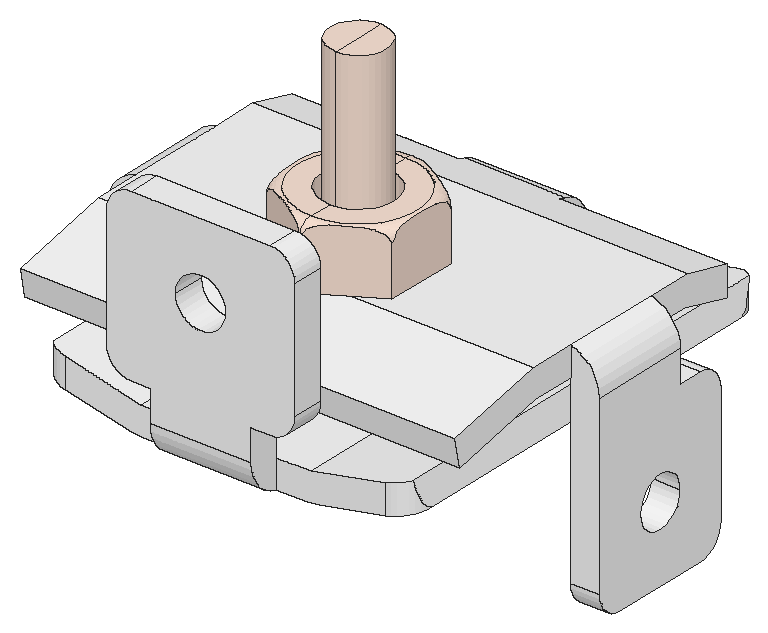
Revit family "ビス固定式振れ止めクリップ", category 機械設備, Revit 2020
Family settings
  丸型コネクタ寸法 = 直径を使用
  種別 = なし
  パーツ タイプ = 標準
  作業面ベース = いいえ
  常に垂直 = はい
  ロード時にボイドで切り取り = いいえ
  共有 = いいえ
  部屋計算ポイント = いいえ
Parameters
  製造元 = "株式会社桐井製作所"
  既定の高さ = 0 mm
  URL = "https://www.kirii.co.jp/"
  K_品名 = "ビス固定式振れ止めクリップ"
  K_名称 = "特殊クリップ"
  K_入数 = "200"
  K_バージョン情報 = "20211012"
Reference planes
  plane 1 "中心(正面/背面)": y = 0
  plane 2: z = 0
  plane 3 "中心(左/右)": x = 0
Forms (mm)
  Extrusion 1, solid
    sketch origin (0, 0, 0) x (1, 0, 0) y (0, 0, 1)
      loop
        line (-6.744, 2.3) -> (-14.272, 3.9) -> (-14.75, 1.65) -> (-7.459, 0.101)
        arc (-7.459, 0.101) -> (-6.983, 0.025) -> (-6.503, 0) r 4.6
        line (-6.503, 0) -> (6.503, 0)
        arc (6.503, 0) -> (6.983, 0.025) -> (7.459, 0.101) r 4.6
        line (7.459, 0.101) -> (14.75, 1.65) -> (14.272, 3.9) -> (6.744, 2.3) -> (-6.744, 2.3)
    from -17.4 to 17.4
  Extrusion 2, solid
    sketch origin (0, 0, 0) x (1, 0, 0) y (0, 0, 1)
      loop
        line (5.5, 19) -> (-5.5, 19)
        arc (-5.5, 19) -> (-6.914, 18.414) -> (-7.5, 17) r 2
        line (-7.5, 17) -> (-7.5, 7.5)
        arc (-7.5, 7.5) -> (-6.914, 6.086) -> (-5.5, 5.5) r 2
        line (-5.5, 5.5) -> (-4, 5.5) -> (-4, 0) -> (4, 0) -> (4, 5.5) -> (5.5, 5.5)
        arc (5.5, 5.5) -> (6.914, 6.086) -> (7.5, 7.5) r 2
        line (7.5, 7.5) -> (7.5, 17)
        arc (7.5, 17) -> (6.914, 18.414) -> (5.5, 19) r 2
    from 17.4 to 19.9
  Extrusion 3, void
    sketch origin (0, 0, 0) x (0, 1, 0) y (0, 0, 1)
      loop
        line (-19.9, 3) -> (-19.9, 0) -> (-17.4, 0)
        arc (-17.4, 0) -> (-19.193, 1.047) -> (-19.9, 3) r 3.05
    from -4 to 4
  Extrusion 4, void
    sketch origin (0, 0, 0) x (1, 0, 0) y (0, 0, 1)
      loop
        circle (0, 13) r 2
    from 17.3 to 19.9
  Extrusion 5, void
    sketch origin (0, 0, 0) x (1, 0, 0) y (0, 1, 0)
      loop
        line (-3.5, 3.5) -> (-3.5, -3.5) -> (3.5, -3.5) -> (3.5, 3.5) -> (-3.5, 3.5)
      loop
        line (-4.3, 10.4) -> (4.3, 10.4) -> (4.3, 14.4) -> (-4.3, 14.4) -> (-4.3, 10.4)
    from 0 to 2.3
  Extrusion 6, void
    sketch origin (0, 0, 0) x (1, 0, 0) y (0, 1, 0)
      loop
        line (-12.75, 17.4) -> (-14.75, 17.4) -> (-14.75, 15.4)
        arc (-14.75, 15.4) -> (-14.164, 16.814) -> (-12.75, 17.4) r 2
      loop
        line (14.75, 15.4) -> (14.75, 17.4) -> (12.75, 17.4)
        arc (12.75, 17.4) -> (14.164, 16.814) -> (14.75, 15.4) r 2
      loop
        line (-14.75, -15.4) -> (-14.75, -17.4) -> (-12.75, -17.4)
        arc (-12.75, -17.4) -> (-14.164, -16.814) -> (-14.75, -15.4) r 2
      loop
        line (12.75, -17.4) -> (14.75, -17.4) -> (14.75, -15.4)
        arc (14.75, -15.4) -> (14.164, -16.814) -> (12.75, -17.4) r 2
    from 0 to 3.9
  Extrusion 7, solid
    sketch origin (0, 146.316, -34.085) x (0, -1, 0) y (0, 0, 1)
      loop
        arc (135.044, 39.395) -> (135.189, 39.821) -> (135.563, 40.071) r 0.7
        line (135.563, 40.071) -> (139.744, 41.191) -> (154.538, 41.191) -> (162.066, 39.591) -> (162.544, 41.841) -> (154.78, 43.491) -> (139.441, 43.491) -> (134.967, 42.292)
        arc (134.967, 42.292) -> (133.364, 41.221) -> (132.744, 39.395) r 3
        line (132.744, 39.395) -> (132.744, 27.991) -> (135.044, 27.991) -> (135.044, 39.395)
    from -17.3 to 17.3
  Extrusion 8, solid
    sketch origin (0, 146.316, -34.085) x (0, 1, 0) y (0, 0, -1)
      loop
        line (-141.044, -24.491) -> (-149.044, -24.491)
        arc (-149.044, -24.491) -> (-150.458, -25.077) -> (-151.044, -26.491) r 2
        line (-151.044, -26.491) -> (-151.044, -43.491) -> (-143.044, -43.491) -> (-143.044, -37.991) -> (-141.044, -37.991)
        arc (-141.044, -37.991) -> (-139.63, -37.405) -> (-139.044, -35.991) r 2
        line (-139.044, -35.991) -> (-139.044, -26.491)
        arc (-139.044, -26.491) -> (-139.63, -25.077) -> (-141.044, -24.491) r 2
    from 17.3 to 19.6
  Extrusion 9, solid
    sketch origin (36.9, 146.316, -34.085) x (0, 1, 0) y (0, 0, -1)
      loop
        line (-141.044, -24.491) -> (-149.044, -24.491)
        arc (-149.044, -24.491) -> (-150.458, -25.077) -> (-151.044, -26.491) r 2
        line (-151.044, -26.491) -> (-151.044, -43.491) -> (-143.044, -43.491) -> (-143.044, -37.991) -> (-141.044, -37.991)
        arc (-141.044, -37.991) -> (-139.63, -37.405) -> (-139.044, -35.991) r 2
        line (-139.044, -35.991) -> (-139.044, -26.491)
        arc (-139.044, -26.491) -> (-139.63, -25.077) -> (-141.044, -24.491) r 2
    from 17.3 to 19.6
  Extrusion 10, void
    sketch origin (0, 146.316, -34.085) x (-1, 0, 0) y (0, 0, -1)
      loop
        line (-19.6, -43.491) -> (-17.3, -43.491)
        arc (-17.3, -43.491) -> (-18.959, -42.381) -> (-19.6, -40.491) r 3.107
        line (-19.6, -40.491) -> (-19.6, -43.491)
    from 143.044 to 151.044
  Extrusion 11, void
    sketch origin (0, 146.316, -34.085) x (1, 0, 0) y (0, 0, 1)
      loop
        line (-19.6, 43.491) -> (-19.6, 40.491)
        arc (-19.6, 40.491) -> (-18.959, 42.381) -> (-17.3, 43.491) r 3.107
        line (-17.3, 43.491) -> (-19.6, 43.491)
    from 143.044 to 151.044
  Extrusion 12, void
    sketch origin (0, 146.316, -34.085) x (0, 1, 0) y (0, 0, -1)
      loop
        circle (-145.044, -30.491) r 2
    from 17.3 to 19.6
  Extrusion 13, void
    sketch origin (36.9, 146.316, -34.085) x (0, 1, 0) y (0, 0, -1)
      loop
        circle (-145.044, -30.491) r 2
    from 17.3 to 19.6
  Extrusion 14, void
    sketch origin (0, 146.316, -34.085) x (-1, 0, 0) y (0, 0, -1)
      loop
        line (-2, -27.991) -> (-17.3, -27.991) -> (-17.3, -43.491) -> (-4, -43.491) -> (-4, -29.991)
        arc (-4, -29.991) -> (-3.414, -28.577) -> (-2, -27.991) r 2
      loop
        arc (2, -27.991) -> (3.414, -28.577) -> (4, -29.991) r 2
        line (4, -29.991) -> (4, -43.491) -> (17.3, -43.491) -> (17.3, -27.991) -> (2, -27.991)
    from 132.744 to 135.522
  Extrusion 15, void
    sketch origin (0, 0, 0) x (1, 0, 0) y (0, 1, 0)
      loop
        circle (0, -4.228) r 3.25
    from 7.106 to 9.406
Cuts and joins
  Extrusion 4, Extrusion 5, Extrusion 6, Extrusion 15 cuts Extrusion 1
  Extrusion 3, Extrusion 4, Extrusion 5, Extrusion 6, Extrusion 15 cuts Extrusion 2
  joined: Extrusion 1, Extrusion 2
  Extrusion 12, Extrusion 13, Extrusion 14, Extrusion 15 cuts Extrusion 7
  Extrusion 11, Extrusion 12, Extrusion 13, Extrusion 15 cuts Extrusion 8
  Extrusion 10, Extrusion 11, Extrusion 12, Extrusion 13, Extrusion 14, Extrusion 15 cuts Extrusion 9
  joined: Extrusion 7, Extrusion 8, Extrusion 9
Dimensions and locks
  aligned and locked: level to plane 2
Nested families
  nested 1: "ナット" at (0, -4.228, 9.406) x (0, 1, 0) z (0, 0, 1), type "ナット"
  nested 2: "根角ボルト(M6)" at (0, -4.228, 0), type "根角ボルト(M6)"
Definition of nested family "ナット"
  Parameters (values of type "ナット")
    Default Elevation = 1219.2 mm
  Reference planes
    plane 1 "中心(正面/背面)": y = 0
    plane 2: z = 0
    plane 3 "中心(左/右)": x = 0
  Forms (mm)
    Extrusion 1, solid
      sketch origin (0, 0, 0) x (1, 0, 0) y (0, 1, 0)
        loop
          line (-55, 45) -> (-55, -45.273) -> (55.986, -45.273) -> (55.986, 45) -> (-55, 45)
      from 0 to -304.8
    Revolve 2, solid
      sketch origin (0, 0, 2.36) x (1, 0, 0) y (0, 0, 1)
        loop
          arc (5.774, 1.64) -> (5.471, 2.356) -> (4.748, 2.639) r 1
          line (4.748, 2.639) -> (2.887, 2.639) -> (2.887, -2.36) -> (5.774, -2.36) -> (5.774, 1.64)
        axis (0, 2.639) -> (0, -2.36)
      angle from 0 to 360
    Extrusion 3, void
      sketch origin (0, 0, 2.36) x (0, -1, 0) y (1, 0, 0)
        loop
          line (5, 2.887) -> (5, -2.887) -> (10.229, -2.887) -> (10.229, 2.887) -> (5, 2.887)
      from -3.143 to 6
    Extrusion 4, void
      sketch origin (0, 0, 2.36) x (0.866025, -0.5, 0) y (0.5, 0.866025, 0)
        loop
          line (5, 2.887) -> (5, -2.887) -> (10.229, -2.887) -> (10.229, 2.887) -> (5, 2.887)
      from -2.36 to 6
    Extrusion 5, void
      sketch origin (0, 0, 2.36) x (-0.866025, -0.5, 0) y (0.5, -0.866025, 0)
        loop
          line (5, 2.887) -> (5, -2.887) -> (10.229, -2.887) -> (10.229, 2.887) -> (5, 2.887)
      from -3.143 to 6
    Extrusion 6, void
      sketch origin (0, 0, 2.36) x (0, -1, 0) y (1, 0, 0)
        loop
          line (-5, 2.887) -> (-10.229, 2.887) -> (-10.229, -2.887) -> (-5, -2.887) -> (-5, 2.887)
      from -3.143 to 6
    Extrusion 7, void
      sketch origin (0, 0, 2.36) x (-0.866025, -0.5, 0) y (0.5, -0.866025, 0)
        loop
          line (-5, 2.887) -> (-10.229, 2.887) -> (-10.229, -2.887) -> (-5, -2.887) -> (-5, 2.887)
      from -2.36 to 6
    Extrusion 8, void
      sketch origin (0, 0, 2.36) x (0.866025, -0.5, 0) y (0.5, 0.866025, 0)
        loop
          line (-5, 2.887) -> (-10.229, 2.887) -> (-10.229, -2.887) -> (-5, -2.887) -> (-5, 2.887)
      from -3.143 to 6
  Cuts and joins
    Extrusion 3, Extrusion 4, Extrusion 5, Extrusion 6, Extrusion 7, Extrusion 8 cuts Revolve 2
  Dimensions and locks
    aligned and locked: plane 2 to Extrusion 1
    aligned and locked: level to Extrusion 1
Definition of nested family "根角ボルト(M6)"
  Parameters (values of type "根角ボルト(M6)")
    Manufacturer = "株式会社桐井製作所"
    Default Elevation = 0 mm
    URL = "https://www.kirii.co.jp/"
    K_結束/入数 = "150"
    K_板厚(mm) = 0 mm
    K_材質 = ""
    K_材料規格 = ""
    K_品名 = "根角ボルトM6×25"
    K_名称 = "RPクリップ付属部品"
    K_めっき付着量 = ""
    K_JIS規格 = ""
  Reference planes
    plane 1 "中心(正面/背面)": y = 0
    plane 2: z = 0
    plane 3 "中心(左/右)": x = 0
    plane 4: x = 10
    plane 5: x = -10
  Forms (mm)
    Revolve 1, solid
      sketch origin (0, 0, 0) x (0, 1, 0) y (0, 0, 1)
        loop
          line (0, 0) -> (0, -1.652)
          arc (0, -1.652) -> (3.596, -1.234) -> (7, 0) r 15.652
          line (7, 0) -> (0, 0)
        axis (0, -1.652) -> (0, 0)
      angle from 0 to 360
    Revolve 2, solid
      sketch origin (0, 0, 0) x (0, 1, 0) y (0, 0, 1)
        loop
          line (2.25, 3) -> (2.25, 25) -> (0, 25) -> (0, 3) -> (0, 0) -> (3.15, 0) -> (3.15, 3) -> (2.25, 3)
        axis (0, 0) -> (0, 25)
      angle from 0 to 360
  Dimensions and locks
    aligned and locked: level to plane 2
